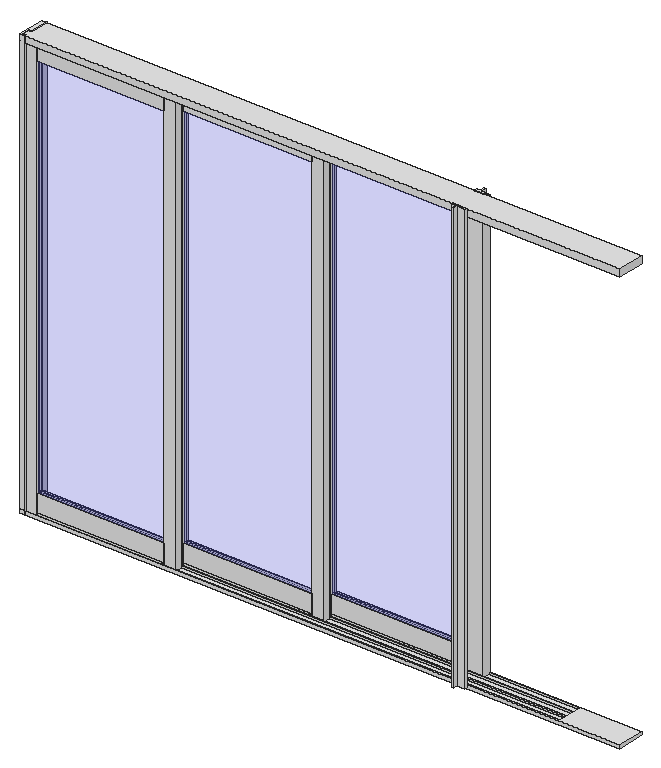
Revit family "Door-Sliding-All_Weather-Series_8100-Pocket", category Doors, host Wall, Revit 2026 (continued)
Definition of nested family "Detail-All_Weather-Series_8100_Jamb"
  Lines and regions (in)
    Masking region 5, in view "Ref. Level", visible <- "2 Track", detail levels fine
      outline origin (0, 0, 0) x (1, 0, 0) y (0, 1, 0)
        loop
          line (-0.54433, 1.27411) -> (-0.54433, 1.24256)
          arc (-0.54433, 1.24256) -> (-0.55788, 1.22043) -> (-0.58374, 1.22243) r 0.02485
          line (-0.58374, 1.22243) -> (-0.62375, 1.26244) -> (-0.71131, 1.26244)
          arc (-0.71131, 1.26244) -> (-0.73309, 1.25341) -> (-0.74212, 1.23162) r 0.03081
          line (-0.74212, 1.23162) -> (-0.74212, 1.04974)
          arc (-0.74212, 1.04974) -> (-0.73309, 1.02795) -> (-0.71131, 1.01893) r 0.03081
          line (-0.71131, 1.01893) -> (-0.62375, 1.01893) -> (-0.58374, 1.05894)
          arc (-0.58374, 1.05894) -> (-0.55788, 1.06094) -> (-0.54433, 1.03881) r 0.02485
          line (-0.54433, 1.03881) -> (-0.54433, 1.00721) -> (-0.2918, 1.00721) -> (-0.2918, 1.03881)
          arc (-0.2918, 1.03881) -> (-0.27825, 1.06094) -> (-0.25239, 1.05894) r 0.02485
          line (-0.25239, 1.05894) -> (-0.21238, 1.01893) -> (-0.12482, 1.01893)
          arc (-0.12482, 1.01893) -> (-0.10304, 1.02795) -> (-0.09401, 1.04974) r 0.03081
          line (-0.09401, 1.04974) -> (-0.09401, 1.23162)
          arc (-0.09401, 1.23162) -> (-0.10304, 1.25341) -> (-0.12482, 1.26244) r 0.03081
          line (-0.12482, 1.26244) -> (-0.21238, 1.26244) -> (-0.25239, 1.22243)
          arc (-0.25239, 1.22243) -> (-0.27825, 1.22043) -> (-0.2918, 1.24256) r 0.02485
          line (-0.2918, 1.24256) -> (-0.2918, 1.27411) -> (-0.54433, 1.27411)
    Masking region 6, in view "Ref. Level", visible <- "2 Track", detail levels fine
      outline origin (2, 0, 0) x (1, 0, 0) y (0, 1, 0)
        loop
          line (-1.24901, 1.2436) -> (-1.24901, 1.01117) -> (-0.81169, 1.01117) -> (-0.81169, 1.2436) -> (-1.24901, 1.2436)
        loop
          line (0.50039, 1.2436) -> (-0.03631, 1.2436) -> (-0.03631, 1.01117) -> (0.401, 1.01117) -> (0.401, 1.12547) -> (0.50039, 1.12547) -> (0.50039, 1.2436)
    Masking region 7, in view "Ref. Level", visible <- "2 Track", detail levels fine
      outline origin (2, 0, 0) x (1, 0, 0) y (0, 1, 0)
        loop
          line (-0.54433, 1.27411) -> (-0.54433, 1.24256)
          arc (-0.54433, 1.24256) -> (-0.55788, 1.22043) -> (-0.58374, 1.22243) r 0.02485
          line (-0.58374, 1.22243) -> (-0.62375, 1.26244) -> (-0.71131, 1.26244)
          arc (-0.71131, 1.26244) -> (-0.73309, 1.25341) -> (-0.74212, 1.23162) r 0.03081
          line (-0.74212, 1.23162) -> (-0.74212, 1.04974)
          arc (-0.74212, 1.04974) -> (-0.73309, 1.02795) -> (-0.71131, 1.01893) r 0.03081
          line (-0.71131, 1.01893) -> (-0.62375, 1.01893) -> (-0.58374, 1.05894)
          arc (-0.58374, 1.05894) -> (-0.55788, 1.06094) -> (-0.54433, 1.03881) r 0.02485
          line (-0.54433, 1.03881) -> (-0.54433, 1.00721) -> (-0.2918, 1.00721) -> (-0.2918, 1.03881)
          arc (-0.2918, 1.03881) -> (-0.27825, 1.06094) -> (-0.25239, 1.05894) r 0.02485
          line (-0.25239, 1.05894) -> (-0.21238, 1.01893) -> (-0.12482, 1.01893)
          arc (-0.12482, 1.01893) -> (-0.10304, 1.02795) -> (-0.09401, 1.04974) r 0.03081
          line (-0.09401, 1.04974) -> (-0.09401, 1.23162)
          arc (-0.09401, 1.23162) -> (-0.10304, 1.25341) -> (-0.12482, 1.26244) r 0.03081
          line (-0.12482, 1.26244) -> (-0.21238, 1.26244) -> (-0.25239, 1.22243)
          arc (-0.25239, 1.22243) -> (-0.27825, 1.22043) -> (-0.2918, 1.24256) r 0.02485
          line (-0.2918, 1.24256) -> (-0.2918, 1.27411) -> (-0.54433, 1.27411)
    Masking region 8, in view "Ref. Level", visible <- "2 Track", detail levels medium+fine
      outline origin (2.75, 0, 0) x (1, 0, 0) y (0, 1, 0)
        loop
          line (-2.00914, 2.5) -> (-2.16816, 2.5) -> (-2.16816, 1.29722) -> (-2.13693, 1.29722) -> (-2.12637, 1.34692) -> (-2.06877, 1.34692) -> (-2.06877, 1.12528) -> (-2.16816, 1.12528) -> (-2.16816, 0.97247) -> (-2.12102, 0.97247) -> (-2.12102, 1.06564) -> (-2.06877, 1.06564) -> (-2.06877, 0.94141) -> (-1.29453, 0.94141) -> (-1.29453, 1.03881)
          arc (-1.29453, 1.03881) -> (-1.30807, 1.06094) -> (-1.33394, 1.05894) r 0.02485
          line (-1.33394, 1.05894) -> (-1.37395, 1.01893) -> (-1.4615, 1.01893)
          arc (-1.4615, 1.01893) -> (-1.48329, 1.02795) -> (-1.49231, 1.04974) r 0.03081
          line (-1.49231, 1.04974) -> (-1.49231, 1.23162)
          arc (-1.49231, 1.23162) -> (-1.48329, 1.25341) -> (-1.4615, 1.26244) r 0.03081
          line (-1.4615, 1.26244) -> (-1.37395, 1.26244) -> (-1.33394, 1.22243)
          arc (-1.33394, 1.22243) -> (-1.30807, 1.22043) -> (-1.29453, 1.24256) r 0.02485
          line (-1.29453, 1.24256) -> (-1.29453, 1.31298) -> (-1.9992, 1.31298) -> (-1.9992, 1.41649) -> (-2.09859, 1.41649) -> (-2.09859, 2.1581) -> (-2.00914, 2.1581) -> (-2.00914, 2.26742) -> (-2.04889, 2.26742) -> (-2.04889, 2.21972) -> (-2.09859, 2.21972) -> (-2.09859, 2.43838) -> (-2.04889, 2.43838) -> (-2.04889, 2.39067) -> (-2.00914, 2.39067) -> (-2.00914, 2.5)
        loop
          line (-0.32738, 2.5) -> (-0.32738, 2.39067) -> (-0.28762, 2.39067) -> (-0.28762, 2.43838) -> (-0.23793, 2.43838) -> (-0.23793, 2.21972) -> (-0.28762, 2.21972) -> (-0.28762, 2.26742) -> (-0.32738, 2.26742) -> (-0.32738, 2.1581) -> (-0.23793, 2.1581) -> (-0.23793, 1.31298) -> (-1.04199, 1.31298) -> (-1.04199, 1.24256)
          arc (-1.04199, 1.24256) -> (-1.02845, 1.22043) -> (-1.00258, 1.22243) r 0.02485
          line (-1.00258, 1.22243) -> (-0.96257, 1.26244) -> (-0.87502, 1.26244)
          arc (-0.87502, 1.26244) -> (-0.85323, 1.25341) -> (-0.8442, 1.23162) r 0.03081
          line (-0.8442, 1.23162) -> (-0.8442, 1.04974)
          arc (-0.8442, 1.04974) -> (-0.85323, 1.02795) -> (-0.87502, 1.01893) r 0.03081
          line (-0.87502, 1.01893) -> (-0.96257, 1.01893) -> (-1.00258, 1.05894)
          arc (-1.00258, 1.05894) -> (-1.02845, 1.06094) -> (-1.04199, 1.03881) r 0.02485
          line (-1.04199, 1.03881) -> (-1.04199, 0.94141) -> (-0.27768, 0.94141) -> (-0.27768, 1.06564) -> (-0.2155, 1.06564) -> (-0.2155, 0.97247) -> (-0.16835, 0.97247) -> (-0.16835, 1.22784) -> (-0.08591, 1.22784) -> (-0.08591, 1.33717) -> (-0.11705, 1.33717) -> (-0.1313, 1.28748) -> (-0.16835, 1.28748) -> (-0.16835, 2.5) -> (-0.32738, 2.5)
    Masking region 9, in view "Ref. Level", visible <- "2 Track", detail levels fine
      outline origin (2, 0, 0) x (1, 0, 0) y (0, 1, 0)
        loop
          line (-1.2987, 2.36763) -> (-1.2987, 2.43838) -> (-1.3484, 2.43838) -> (-1.3484, 2.21972) -> (-1.2987, 2.21972) -> (-1.2987, 2.28862) -> (-1.16316, 2.28122) -> (-1.16316, 2.37517) -> (-1.2987, 2.36763)
        loop
          line (0.46257, 2.36763) -> (0.32703, 2.37517) -> (0.32703, 2.28122) -> (0.46257, 2.28862) -> (0.46257, 2.21972) -> (0.51227, 2.21972) -> (0.51227, 2.43838) -> (0.46257, 2.43838) -> (0.46257, 2.36763)
    Masking region 10, in view "Ref. Level", visible <- "3 Track", detail levels fine
      outline origin (4, 0, 0) x (1, 0, 0) y (0, 1, 0)
        loop
          line (-1.24901, 1.2436) -> (-1.24901, 1.01117) -> (-0.81169, 1.01117) -> (-0.81169, 1.2436) -> (-1.24901, 1.2436)
        loop
          line (0.50039, 1.2436) -> (-0.03631, 1.2436) -> (-0.03631, 1.01117) -> (0.401, 1.01117) -> (0.401, 1.12547) -> (0.50039, 1.12547) -> (0.50039, 1.2436)
    Masking region 11, in view "Ref. Level", visible <- "3 Track", detail levels fine
      outline origin (4, 0, 0) x (1, 0, 0) y (0, 1, 0)
        loop
          line (-0.54433, 1.27411) -> (-0.54433, 1.24256)
          arc (-0.54433, 1.24256) -> (-0.55788, 1.22043) -> (-0.58374, 1.22243) r 0.02485
          line (-0.58374, 1.22243) -> (-0.62375, 1.26244) -> (-0.71131, 1.26244)
          arc (-0.71131, 1.26244) -> (-0.73309, 1.25341) -> (-0.74212, 1.23162) r 0.03081
          line (-0.74212, 1.23162) -> (-0.74212, 1.04974)
          arc (-0.74212, 1.04974) -> (-0.73309, 1.02795) -> (-0.71131, 1.01893) r 0.03081
          line (-0.71131, 1.01893) -> (-0.62375, 1.01893) -> (-0.58374, 1.05894)
          arc (-0.58374, 1.05894) -> (-0.55788, 1.06094) -> (-0.54433, 1.03881) r 0.02485
          line (-0.54433, 1.03881) -> (-0.54433, 1.00721) -> (-0.2918, 1.00721) -> (-0.2918, 1.03881)
          arc (-0.2918, 1.03881) -> (-0.27825, 1.06094) -> (-0.25239, 1.05894) r 0.02485
          line (-0.25239, 1.05894) -> (-0.21238, 1.01893) -> (-0.12482, 1.01893)
          arc (-0.12482, 1.01893) -> (-0.10304, 1.02795) -> (-0.09401, 1.04974) r 0.03081
          line (-0.09401, 1.04974) -> (-0.09401, 1.23162)
          arc (-0.09401, 1.23162) -> (-0.10304, 1.25341) -> (-0.12482, 1.26244) r 0.03081
          line (-0.12482, 1.26244) -> (-0.21238, 1.26244) -> (-0.25239, 1.22243)
          arc (-0.25239, 1.22243) -> (-0.27825, 1.22043) -> (-0.2918, 1.24256) r 0.02485
          line (-0.2918, 1.24256) -> (-0.2918, 1.27411) -> (-0.54433, 1.27411)
    Masking region 12, in view "Ref. Level", visible <- "3 Track", detail levels medium+fine
      outline origin (4.75, 0, 0) x (1, 0, 0) y (0, 1, 0)
        loop
          line (-2.00914, 2.5) -> (-2.16816, 2.5) -> (-2.16816, 1.29722) -> (-2.13693, 1.29722) -> (-2.12637, 1.34692) -> (-2.06877, 1.34692) -> (-2.06877, 1.12528) -> (-2.16816, 1.12528) -> (-2.16816, 0.97247) -> (-2.12102, 0.97247) -> (-2.12102, 1.06564) -> (-2.06877, 1.06564) -> (-2.06877, 0.94141) -> (-1.29453, 0.94141) -> (-1.29453, 1.03881)
          arc (-1.29453, 1.03881) -> (-1.30807, 1.06094) -> (-1.33394, 1.05894) r 0.02485
          line (-1.33394, 1.05894) -> (-1.37395, 1.01893) -> (-1.4615, 1.01893)
          arc (-1.4615, 1.01893) -> (-1.48329, 1.02795) -> (-1.49231, 1.04974) r 0.03081
          line (-1.49231, 1.04974) -> (-1.49231, 1.23162)
          arc (-1.49231, 1.23162) -> (-1.48329, 1.25341) -> (-1.4615, 1.26244) r 0.03081
          line (-1.4615, 1.26244) -> (-1.37395, 1.26244) -> (-1.33394, 1.22243)
          arc (-1.33394, 1.22243) -> (-1.30807, 1.22043) -> (-1.29453, 1.24256) r 0.02485
          line (-1.29453, 1.24256) -> (-1.29453, 1.31298) -> (-1.9992, 1.31298) -> (-1.9992, 1.41649) -> (-2.09859, 1.41649) -> (-2.09859, 2.1581) -> (-2.00914, 2.1581) -> (-2.00914, 2.26742) -> (-2.04889, 2.26742) -> (-2.04889, 2.21972) -> (-2.09859, 2.21972) -> (-2.09859, 2.43838) -> (-2.04889, 2.43838) -> (-2.04889, 2.39067) -> (-2.00914, 2.39067) -> (-2.00914, 2.5)
        loop
          line (-0.32738, 2.5) -> (-0.32738, 2.39067) -> (-0.28762, 2.39067) -> (-0.28762, 2.43838) -> (-0.23793, 2.43838) -> (-0.23793, 2.21972) -> (-0.28762, 2.21972) -> (-0.28762, 2.26742) -> (-0.32738, 2.26742) -> (-0.32738, 2.1581) -> (-0.23793, 2.1581) -> (-0.23793, 1.31298) -> (-1.04199, 1.31298) -> (-1.04199, 1.24256)
          arc (-1.04199, 1.24256) -> (-1.02845, 1.22043) -> (-1.00258, 1.22243) r 0.02485
          line (-1.00258, 1.22243) -> (-0.96257, 1.26244) -> (-0.87502, 1.26244)
          arc (-0.87502, 1.26244) -> (-0.85323, 1.25341) -> (-0.8442, 1.23162) r 0.03081
          line (-0.8442, 1.23162) -> (-0.8442, 1.04974)
          arc (-0.8442, 1.04974) -> (-0.85323, 1.02795) -> (-0.87502, 1.01893) r 0.03081
          line (-0.87502, 1.01893) -> (-0.96257, 1.01893) -> (-1.00258, 1.05894)
          arc (-1.00258, 1.05894) -> (-1.02845, 1.06094) -> (-1.04199, 1.03881) r 0.02485
          line (-1.04199, 1.03881) -> (-1.04199, 0.94141) -> (-0.27768, 0.94141) -> (-0.27768, 1.06564) -> (-0.2155, 1.06564) -> (-0.2155, 0.97247) -> (-0.16835, 0.97247) -> (-0.16835, 1.22784) -> (-0.08591, 1.22784) -> (-0.08591, 1.33717) -> (-0.11705, 1.33717) -> (-0.1313, 1.28748) -> (-0.16835, 1.28748) -> (-0.16835, 2.5) -> (-0.32738, 2.5)
    Masking region 13, in view "Ref. Level", visible <- "3 Track", detail levels fine
      outline origin (4, 0, 0) x (1, 0, 0) y (0, 1, 0)
        loop
          line (-1.2987, 2.36763) -> (-1.2987, 2.43838) -> (-1.3484, 2.43838) -> (-1.3484, 2.21972) -> (-1.2987, 2.21972) -> (-1.2987, 2.28862) -> (-1.16316, 2.28122) -> (-1.16316, 2.37517) -> (-1.2987, 2.36763)
        loop
          line (0.46257, 2.36763) -> (0.32703, 2.37517) -> (0.32703, 2.28122) -> (0.46257, 2.28862) -> (0.46257, 2.21972) -> (0.51227, 2.21972) -> (0.51227, 2.43838) -> (0.46257, 2.43838) -> (0.46257, 2.36763)
    Masking region 14, in view "Ref. Level", visible <- "4 Track", detail levels fine
      outline origin (6, 0, 0) x (1, 0, 0) y (0, 1, 0)
        loop
          line (-1.24901, 1.2436) -> (-1.24901, 1.01117) -> (-0.81169, 1.01117) -> (-0.81169, 1.2436) -> (-1.24901, 1.2436)
        loop
          line (0.50039, 1.2436) -> (-0.03631, 1.2436) -> (-0.03631, 1.01117) -> (0.401, 1.01117) -> (0.401, 1.12547) -> (0.50039, 1.12547) -> (0.50039, 1.2436)
    Masking region 15, in view "Ref. Level", visible <- "4 Track", detail levels fine
      outline origin (6, 0, 0) x (1, 0, 0) y (0, 1, 0)
        loop
          line (-0.54433, 1.27411) -> (-0.54433, 1.24256)
          arc (-0.54433, 1.24256) -> (-0.55788, 1.22043) -> (-0.58374, 1.22243) r 0.02485
          line (-0.58374, 1.22243) -> (-0.62375, 1.26244) -> (-0.71131, 1.26244)
          arc (-0.71131, 1.26244) -> (-0.73309, 1.25341) -> (-0.74212, 1.23162) r 0.03081
          line (-0.74212, 1.23162) -> (-0.74212, 1.04974)
          arc (-0.74212, 1.04974) -> (-0.73309, 1.02795) -> (-0.71131, 1.01893) r 0.03081
          line (-0.71131, 1.01893) -> (-0.62375, 1.01893) -> (-0.58374, 1.05894)
          arc (-0.58374, 1.05894) -> (-0.55788, 1.06094) -> (-0.54433, 1.03881) r 0.02485
          line (-0.54433, 1.03881) -> (-0.54433, 1.00721) -> (-0.2918, 1.00721) -> (-0.2918, 1.03881)
          arc (-0.2918, 1.03881) -> (-0.27825, 1.06094) -> (-0.25239, 1.05894) r 0.02485
          line (-0.25239, 1.05894) -> (-0.21238, 1.01893) -> (-0.12482, 1.01893)
          arc (-0.12482, 1.01893) -> (-0.10304, 1.02795) -> (-0.09401, 1.04974) r 0.03081
          line (-0.09401, 1.04974) -> (-0.09401, 1.23162)
          arc (-0.09401, 1.23162) -> (-0.10304, 1.25341) -> (-0.12482, 1.26244) r 0.03081
          line (-0.12482, 1.26244) -> (-0.21238, 1.26244) -> (-0.25239, 1.22243)
          arc (-0.25239, 1.22243) -> (-0.27825, 1.22043) -> (-0.2918, 1.24256) r 0.02485
          line (-0.2918, 1.24256) -> (-0.2918, 1.27411) -> (-0.54433, 1.27411)
    Masking region 16, in view "Ref. Level", visible <- "4 Track", detail levels medium+fine
      outline origin (6.75, 0, 0) x (1, 0, 0) y (0, 1, 0)
        loop
          line (-2.00914, 2.5) -> (-2.16816, 2.5) -> (-2.16816, 1.29722) -> (-2.13693, 1.29722) -> (-2.12637, 1.34692) -> (-2.06877, 1.34692) -> (-2.06877, 1.12528) -> (-2.16816, 1.12528) -> (-2.16816, 0.97247) -> (-2.12102, 0.97247) -> (-2.12102, 1.06564) -> (-2.06877, 1.06564) -> (-2.06877, 0.94141) -> (-1.29453, 0.94141) -> (-1.29453, 1.03881)
          arc (-1.29453, 1.03881) -> (-1.30807, 1.06094) -> (-1.33394, 1.05894) r 0.02485
          line (-1.33394, 1.05894) -> (-1.37395, 1.01893) -> (-1.4615, 1.01893)
          arc (-1.4615, 1.01893) -> (-1.48329, 1.02795) -> (-1.49231, 1.04974) r 0.03081
          line (-1.49231, 1.04974) -> (-1.49231, 1.23162)
          arc (-1.49231, 1.23162) -> (-1.48329, 1.25341) -> (-1.4615, 1.26244) r 0.03081
          line (-1.4615, 1.26244) -> (-1.37395, 1.26244) -> (-1.33394, 1.22243)
          arc (-1.33394, 1.22243) -> (-1.30807, 1.22043) -> (-1.29453, 1.24256) r 0.02485
          line (-1.29453, 1.24256) -> (-1.29453, 1.31298) -> (-1.9992, 1.31298) -> (-1.9992, 1.41649) -> (-2.09859, 1.41649) -> (-2.09859, 2.1581) -> (-2.00914, 2.1581) -> (-2.00914, 2.26742) -> (-2.04889, 2.26742) -> (-2.04889, 2.21972) -> (-2.09859, 2.21972) -> (-2.09859, 2.43838) -> (-2.04889, 2.43838) -> (-2.04889, 2.39067) -> (-2.00914, 2.39067) -> (-2.00914, 2.5)
        loop
          line (-0.32738, 2.5) -> (-0.32738, 2.39067) -> (-0.28762, 2.39067) -> (-0.28762, 2.43838) -> (-0.23793, 2.43838) -> (-0.23793, 2.21972) -> (-0.28762, 2.21972) -> (-0.28762, 2.26742) -> (-0.32738, 2.26742) -> (-0.32738, 2.1581) -> (-0.23793, 2.1581) -> (-0.23793, 1.31298) -> (-1.04199, 1.31298) -> (-1.04199, 1.24256)
          arc (-1.04199, 1.24256) -> (-1.02845, 1.22043) -> (-1.00258, 1.22243) r 0.02485
          line (-1.00258, 1.22243) -> (-0.96257, 1.26244) -> (-0.87502, 1.26244)
          arc (-0.87502, 1.26244) -> (-0.85323, 1.25341) -> (-0.8442, 1.23162) r 0.03081
          line (-0.8442, 1.23162) -> (-0.8442, 1.04974)
          arc (-0.8442, 1.04974) -> (-0.85323, 1.02795) -> (-0.87502, 1.01893) r 0.03081
          line (-0.87502, 1.01893) -> (-0.96257, 1.01893) -> (-1.00258, 1.05894)
          arc (-1.00258, 1.05894) -> (-1.02845, 1.06094) -> (-1.04199, 1.03881) r 0.02485
          line (-1.04199, 1.03881) -> (-1.04199, 0.94141) -> (-0.27768, 0.94141) -> (-0.27768, 1.06564) -> (-0.2155, 1.06564) -> (-0.2155, 0.97247) -> (-0.16835, 0.97247) -> (-0.16835, 1.22784) -> (-0.08591, 1.22784) -> (-0.08591, 1.33717) -> (-0.11705, 1.33717) -> (-0.1313, 1.28748) -> (-0.16835, 1.28748) -> (-0.16835, 2.5) -> (-0.32738, 2.5)
    Masking region 17, in view "Ref. Level", visible <- "4 Track", detail levels fine
      outline origin (6, 0, 0) x (1, 0, 0) y (0, 1, 0)
        loop
          line (-1.2987, 2.36763) -> (-1.2987, 2.43838) -> (-1.3484, 2.43838) -> (-1.3484, 2.21972) -> (-1.2987, 2.21972) -> (-1.2987, 2.28862) -> (-1.16316, 2.28122) -> (-1.16316, 2.37517) -> (-1.2987, 2.36763)
        loop
          line (0.46257, 2.36763) -> (0.32703, 2.37517) -> (0.32703, 2.28122) -> (0.46257, 2.28862) -> (0.46257, 2.21972) -> (0.51227, 2.21972) -> (0.51227, 2.43838) -> (0.46257, 2.43838) -> (0.46257, 2.36763)
  Dimensions and locks (in)
    plane 1 "Center (Front/Back)" to plane 3 "Top" = 0' - 1 143/256"
    "Height": plane 3 "Top" to plane 1 "Center (Front/Back)"
    Masking region 1 sketch curve to Masking region 1 sketch curve to plane 4 "Front" to Masking region 1 sketch curve to Masking region 1 sketch curve to Masking region 1 sketch curve to Masking region 1 sketch curve to Masking region 1 sketch curve to Masking region 1 sketch curve to Masking region 1 sketch curve to Masking region 1 sketch curve to Masking region 1 sketch curve to Masking region 1 sketch curve to Masking region 1 sketch curve to Masking region 1 sketch curve to Masking region 1 sketch curve to Masking region 1 sketch curve to Masking region 1 sketch curve to Masking region 1 sketch curve to Masking region 1 sketch curve to Masking region 1 sketch curve to Masking region 1 sketch curve to Masking region 1 sketch curve to Masking region 1 sketch curve to Masking region 1 sketch curve to Masking region 1 sketch curve to Masking region 1 sketch curve to Masking region 1 sketch curve to Masking region 1 sketch curve to Masking region 1 sketch curve to Masking region 1 sketch curve to Masking region 1 sketch curve to Masking region 1 sketch curve to Masking region 1 sketch curve to Masking region 1 sketch curve to Masking region 1 sketch curve to Masking region 1 sketch curve to Masking region 1 sketch curve to Masking region 1 sketch curve to Masking region 1 sketch curve to Masking region 1 sketch curve to Masking region 1 sketch curve to Masking region 1 sketch curve to Masking region 1 sketch curve = 0' - 0" locked, 0' - 0" locked, 0' - 0.04715" locked, 0' - 0.02243" locked, 0' - 0" locked, 0' - 0.02982" locked, 0' - 0" locked, 0' - 0.01988" locked, 0' - 0" locked, 0' - 0.03976" locked, 0' - 0" locked, 0' - 0.00994" locked, 0' - 0.50689" locked, 0' - 0.03081" locked, 0' - 0" locked, 0' - 0.08755" locked, 0' - 0" locked, 0' - 0.04001" locked, 0' - 0" locked, 0' - 0.03941" locked, 0' - 0" locked, 0' - 0.25253" locked, 0' - 0" locked, 0' - 0.03941" locked, 0' - 0" locked, 0' - 0.04001" locked, 0' - 0" locked, 0' - 0.08755" locked, 0' - 0" locked, 0' - 0.03081" locked, 0' - 0.51683" locked, 0' - 0" locked, 0' - 0.03976" locked, 0' - 0" locked, 0' - 0.00994" locked, 0' - 0.03976" locked, 0' - 0" locked, 0' - 0.02243" locked, 0' - 0.04715" locked, 0' - 0" locked, 0' - 0.03705" locked, 0' - 0.01425" locked, 0' - 0.03114" locked
    Masking region 1 sketch curve to Masking region 1 sketch curve to plane 3 "Top" to Masking region 1 sketch curve to Masking region 1 sketch curve to Masking region 1 sketch curve to Masking region 1 sketch curve to Masking region 1 sketch curve to Masking region 1 sketch curve to Masking region 1 sketch curve to Masking region 1 sketch curve to Masking region 1 sketch curve to Masking region 1 sketch curve = 0' - 0" locked, 0' - 0" locked, 0' - 0.06162" locked, 0' - 0" locked, 0' - 0.04771" locked, 0' - 0" locked, 0' - 0.12325" locked, 0' - 0" locked, 0' - 0.04771" locked, 0' - 0" locked, 0' - 0.06162" locked, 0' - 0" locked
    plane 1 "Center (Front/Back)" to Masking region 2 sketch curve to Masking region 2 sketch curve to Masking region 2 sketch curve to Masking region 2 sketch curve to Masking region 2 sketch curve = 0' - 0.06977" locked, 0' - 0" locked, 0' - 0.1143" locked, 0' - 0.11812" locked, 0' - 0" locked
    plane 4 "Front" to Masking region 2 sketch curve to Masking region 2 sketch curve to Masking region 2 sketch curve to Masking region 2 sketch curve to Masking region 2 sketch curve = 0' - 0.16896" locked, 0' - 0.43732" locked, 0' - 0.77538" locked, 0' - 0.43732" locked, 0' - 0.09939" locked
    "Thickness": plane 4 "Front" to plane 5
    plane 4 "Front" to Masking region 4 sketch curve to Masking region 4 sketch curve to Masking region 4 sketch curve to Masking region 4 sketch curve to Masking region 4 sketch curve to Masking region 4 sketch curve to Masking region 4 sketch curve to Masking region 4 sketch curve = 0' - 0.06957" locked, 0' - 0.04969" locked, 0' - 0" locked, 0' - 0.13554" locked, 0' - 1.4902" locked, 0' - 0.13554" locked, 0' - 0" locked, 0' - 0.04969" locked
    plane 3 "Top" to Masking region 4 sketch curve to Masking region 4 sketch curve to Masking region 4 sketch curve to Masking region 4 sketch curve to Masking region 4 sketch curve to Masking region 4 sketch curve to Masking region 4 sketch curve to Masking region 4 sketch curve to Masking region 4 sketch curve to Masking region 4 sketch curve to Masking region 4 sketch curve to Masking region 4 sketch curve = 0' - 0.06162" locked, 0' - 0" locked, 0' - 0.06321" locked, 0' - 0" locked, 0' - 0.00755" locked, 0' - 0" locked, 0' - 0.07901" locked, 0' - 0" locked, 0' - 0.00739" locked, 0' - 0" locked, 0' - 0.06151" locked, 0' - 0" locked
    plane 4 "Front" to Masking region 5 sketch curve to Masking region 5 sketch curve to Masking region 5 sketch curve to Masking region 5 sketch curve to Masking region 5 sketch curve to Masking region 5 sketch curve to Masking region 5 sketch curve to Masking region 5 sketch curve to Masking region 5 sketch curve to Masking region 5 sketch curve to Masking region 5 sketch curve to Masking region 5 sketch curve to Masking region 5 sketch curve to Masking region 5 sketch curve to Masking region 5 sketch curve to Masking region 5 sketch curve to Masking region 5 sketch curve to Masking region 5 sketch curve = 0' - 0.67585" locked, 0' - 0.03081" locked, 0' - 0" locked, 0' - 0.08755" locked, 0' - 0" locked, 0' - 0.04001" locked, 0' - 0" locked, 0' - 0.03941" locked, 0' - 0" locked, 0' - 0.25253" locked, 0' - 0" locked, 0' - 0.03941" locked, 0' - 0" locked, 0' - 0.04001" locked, 0' - 0" locked, 0' - 0.08755" locked, 0' - 0" locked, 0' - 0.03081" locked
    Masking region 5 sketch curve to Masking region 5 sketch curve to Masking region 5 sketch curve to Masking region 5 sketch curve to Masking region 5 sketch curve to Masking region 5 sketch curve to Masking region 5 sketch curve to Masking region 5 sketch curve to Masking region 5 sketch curve to Masking region 5 sketch curve to Masking region 5 sketch curve to Masking region 5 sketch curve to Masking region 5 sketch curve to Masking region 5 sketch curve to Masking region 5 sketch curve to Masking region 5 sketch curve to Masking region 5 sketch curve to Masking region 5 sketch curve = 0' - 0 3/256" locked, 0' - 0" locked, 0' - 0.01988" locked, 0' - 0" locked, 0' - 0.01093" locked, 0' - 0" locked, 0' - 0.0092" locked, 0' - 0" locked, 0' - 0.16349" locked, 0' - 0" locked, 0' - 0.0092" locked, 0' - 0" locked, 0' - 0.01093" locked, 0' - 0" locked, 0' - 0.01988" locked, 0' - 0" locked, 0' - 0.01168" locked
    Masking region 1 sketch curve to Masking region 1 sketch curve to Masking region 1 sketch curve to Masking region 1 sketch curve to Masking region 1 sketch curve to Masking region 1 sketch curve to Masking region 1 sketch curve to Masking region 1 sketch curve to Masking region 1 sketch curve to Masking region 1 sketch curve to Masking region 1 sketch curve to Masking region 1 sketch curve to Masking region 1 sketch curve to Masking region 1 sketch curve to Masking region 1 sketch curve to Masking region 1 sketch curve to Masking region 1 sketch curve to Masking region 1 sketch curve to Masking region 1 sketch curve to Masking region 1 sketch curve to Masking region 1 sketch curve to Masking region 1 sketch curve to Masking region 1 sketch curve to Masking region 1 sketch curve to Masking region 1 sketch curve to Masking region 1 sketch curve to Masking region 1 sketch curve to Masking region 1 sketch curve to Masking region 1 sketch curve to Masking region 1 sketch curve to Masking region 1 sketch curve to plane 1 "Center (Front/Back)" = 0' - 0.06957" locked, 0' - 0.00974" locked, 0' - 0.0242" locked, 0' - 0" locked, 0' - 0.01575" locked, 0' - 0.00974" locked, 0' - 0.02504" locked, 0' - 0" locked, 0' - 0.01988" locked, 0' - 0" locked, 0' - 0.01093" locked, 0' - 0" locked, 0' - 0.00378" locked, 0' - 0.00542" locked, 0' - 0" locked, 0' - 0.09715" locked, 0' - 0.05963" locked, 0' - 0" locked, 0' - 0.0067" locked, 0' - 0" locked, 0' - 0.0092" locked, 0' - 0" locked, 0' - 0.01093" locked, 0' - 0" locked, 0' - 0.01988" locked, 0' - 0" locked, 0' - 0.04646" locked, 0' - 0" locked, 0' - 0.03106" locked, 0' - 0" locked, 0' - 0" locked
    plane 4 "Front" to plane 6 to plane 7 = 0' - 0.99014" locked, 0' - 2" locked
    locked: plane 8 to plane 5 at 1.06903
    Masking region 6 sketch curve to Masking region 6 sketch curve to Masking region 6 sketch curve to Masking region 6 sketch curve to Masking region 6 sketch curve = 0' - 0" locked, 0' - 0.1143" locked, 0' - 0.11812" locked, 0' - 0" locked
    plane 4 "Front" to Masking region 6 sketch curve to Masking region 6 sketch curve to Masking region 6 sketch curve to Masking region 6 sketch curve to Masking region 6 sketch curve = 0' - 2.16896" locked, 0' - 0.43732" locked, 0' - 0.77538" locked, 0' - 0.43732" locked, 0' - 0.09939" locked
    plane 4 "Front" to Masking region 7 sketch curve to Masking region 7 sketch curve to Masking region 7 sketch curve to Masking region 7 sketch curve to Masking region 7 sketch curve to Masking region 7 sketch curve to Masking region 7 sketch curve to Masking region 7 sketch curve to Masking region 7 sketch curve to Masking region 7 sketch curve to Masking region 7 sketch curve to Masking region 7 sketch curve to Masking region 7 sketch curve to Masking region 7 sketch curve to Masking region 7 sketch curve to Masking region 7 sketch curve to Masking region 7 sketch curve to Masking region 7 sketch curve = 0' - 2.67585" locked, 0' - 0.03081" locked, 0' - 0" locked, 0' - 0.08755" locked, 0' - 0" locked, 0' - 0.04001" locked, 0' - 0" locked, 0' - 0.03941" locked, 0' - 0" locked, 0' - 0.25253" locked, 0' - 0" locked, 0' - 0.03941" locked, 0' - 0" locked, 0' - 0.04001" locked, 0' - 0" locked, 0' - 0.08755" locked, 0' - 0" locked, 0' - 0.03081" locked
    Masking region 7 sketch curve to Masking region 7 sketch curve to Masking region 7 sketch curve to Masking region 7 sketch curve to Masking region 7 sketch curve to Masking region 7 sketch curve to Masking region 7 sketch curve to Masking region 7 sketch curve to Masking region 7 sketch curve to Masking region 7 sketch curve to Masking region 7 sketch curve to Masking region 7 sketch curve to Masking region 7 sketch curve to Masking region 7 sketch curve to Masking region 7 sketch curve to Masking region 7 sketch curve to Masking region 7 sketch curve to Masking region 7 sketch curve = 0' - 0 3/256" locked, 0' - 0" locked, 0' - 0.01988" locked, 0' - 0" locked, 0' - 0.01093" locked, 0' - 0" locked, 0' - 0.0092" locked, 0' - 0" locked, 0' - 0.16349" locked, 0' - 0" locked, 0' - 0.0092" locked, 0' - 0" locked, 0' - 0.01093" locked, 0' - 0" locked, 0' - 0.01988" locked, 0' - 0" locked, 0' - 0.01168" locked
    plane 4 "Front" to Masking region 8 sketch curve to Masking region 8 sketch curve to Masking region 8 sketch curve to Masking region 8 sketch curve to Masking region 8 sketch curve to Masking region 8 sketch curve to Masking region 8 sketch curve to Masking region 8 sketch curve to Masking region 8 sketch curve to Masking region 8 sketch curve to Masking region 8 sketch curve to Masking region 8 sketch curve to Masking region 8 sketch curve to Masking region 8 sketch curve to Masking region 8 sketch curve to Masking region 8 sketch curve to Masking region 8 sketch curve to Masking region 8 sketch curve to Masking region 8 sketch curve to Masking region 8 sketch curve to Masking region 8 sketch curve to Masking region 8 sketch curve to Masking region 8 sketch curve to Masking region 8 sketch curve to Masking region 8 sketch curve to Masking region 8 sketch curve to Masking region 8 sketch curve to Masking region 8 sketch curve to Masking region 8 sketch curve to Masking region 8 sketch curve to Masking region 8 sketch curve to Masking region 8 sketch curve to Masking region 8 sketch curve to Masking region 8 sketch curve to Masking region 8 sketch curve to Masking region 8 sketch curve to Masking region 8 sketch curve to Masking region 8 sketch curve to Masking region 8 sketch curve to Masking region 8 sketch curve to Masking region 8 sketch curve to Masking region 8 sketch curve to Masking region 8 sketch curve = 0' - 1.99981" locked, 0' - 0" locked, 0' - 0.04715", 0' - 0.02243" locked, 0' - 0" locked, 0' - 0.02982" locked, 0' - 0" locked, 0' - 0.01988" locked, 0' - 0" locked, 0' - 0.03976" locked, 0' - 0" locked, 0' - 0.00994" locked, 0' - 0.50689" locked, 0' - 0.03081" locked, 0' - 0" locked, 0' - 0.08755" locked, 0' - 0" locked, 0' - 0.04001" locked, 0' - 0" locked, 0' - 0.03941" locked, 0' - 0" locked, 0' - 0.25253" locked, 0' - 0" locked, 0' - 0.03941" locked, 0' - 0" locked, 0' - 0.04001" locked, 0' - 0" locked, 0' - 0.08755" locked, 0' - 0" locked, 0' - 0.03081" locked, 0' - 0.51683" locked, 0' - 0" locked, 0' - 0.03976" locked, 0' - 0" locked, 0' - 0.00994" locked, 0' - 0.03976" locked, 0' - 0" locked, 0' - 0.02243" locked, 0' - 0.04715" locked, 0' - 0" locked, 0' - 0.03705" locked, 0' - 0.01425" locked, 0' - 0.03114" locked
    Masking region 8 sketch curve to Masking region 8 sketch curve to Masking region 8 sketch curve to Masking region 8 sketch curve to Masking region 8 sketch curve to Masking region 8 sketch curve to Masking region 8 sketch curve to Masking region 8 sketch curve to Masking region 8 sketch curve to Masking region 8 sketch curve to Masking region 8 sketch curve to Masking region 8 sketch curve = 0' - 0" locked, 0' - 0.06162", 0' - 0" locked, 0' - 0.04771" locked, 0' - 0" locked, 0' - 0.12325" locked, 0' - 0" locked, 0' - 0.04771" locked, 0' - 0" locked, 0' - 0.06162" locked, 0' - 0" locked
    Masking region 8 sketch curve to Masking region 8 sketch curve to Masking region 8 sketch curve to Masking region 8 sketch curve to Masking region 8 sketch curve to Masking region 8 sketch curve to Masking region 8 sketch curve to Masking region 8 sketch curve to Masking region 8 sketch curve to Masking region 8 sketch curve to Masking region 8 sketch curve to Masking region 8 sketch curve to Masking region 8 sketch curve to Masking region 8 sketch curve to Masking region 8 sketch curve to Masking region 8 sketch curve to Masking region 8 sketch curve to Masking region 8 sketch curve to Masking region 8 sketch curve to Masking region 8 sketch curve to Masking region 8 sketch curve to Masking region 8 sketch curve to Masking region 8 sketch curve to Masking region 8 sketch curve to Masking region 8 sketch curve to Masking region 8 sketch curve to Masking region 8 sketch curve to Masking region 8 sketch curve to Masking region 8 sketch curve to Masking region 8 sketch curve to Masking region 8 sketch curve = 0' - 0.06957" locked, 0' - 0.00974" locked, 0' - 0.0242" locked, 0' - 0" locked, 0' - 0.01575" locked, 0' - 0.00974" locked, 0' - 0.02504" locked, 0' - 0" locked, 0' - 0.01988" locked, 0' - 0" locked, 0' - 0.01093" locked, 0' - 0" locked, 0' - 0.00378" locked, 0' - 0.00542" locked, 0' - 0" locked, 0' - 0.09715" locked, 0' - 0.05963" locked, 0' - 0" locked, 0' - 0.0067" locked, 0' - 0" locked, 0' - 0.0092" locked, 0' - 0" locked, 0' - 0.01093" locked, 0' - 0" locked, 0' - 0.01988" locked, 0' - 0" locked, 0' - 0.04646" locked, 0' - 0" locked, 0' - 0.03106" locked, 0' - 0" locked
    plane 4 "Front" to Masking region 9 sketch curve to Masking region 9 sketch curve to Masking region 9 sketch curve to Masking region 9 sketch curve to Masking region 9 sketch curve to Masking region 9 sketch curve to Masking region 9 sketch curve to Masking region 9 sketch curve = 0' - 2.06957" locked, 0' - 0.04969" locked, 0' - 0" locked, 0' - 0.13554" locked, 0' - 1.4902" locked, 0' - 0.13554" locked, 0' - 0" locked, 0' - 0.04969" locked
    Masking region 9 sketch curve to Masking region 9 sketch curve to Masking region 9 sketch curve to Masking region 9 sketch curve to Masking region 9 sketch curve to Masking region 9 sketch curve to Masking region 9 sketch curve to Masking region 9 sketch curve to Masking region 9 sketch curve to Masking region 9 sketch curve to Masking region 9 sketch curve to Masking region 9 sketch curve = 0' - 0" locked, 0' - 0.06321" locked, 0' - 0" locked, 0' - 0.00755" locked, 0' - 0" locked, 0' - 0.07901" locked, 0' - 0" locked, 0' - 0.00739" locked, 0' - 0" locked, 0' - 0.06151" locked, 0' - 0" locked
    Masking region 10 sketch curve to Masking region 10 sketch curve to Masking region 10 sketch curve to Masking region 10 sketch curve to Masking region 10 sketch curve = 0' - 0" locked, 0' - 0.1143" locked, 0' - 0.11812" locked, 0' - 0" locked
    plane 4 "Front" to Masking region 10 sketch curve to Masking region 10 sketch curve to Masking region 10 sketch curve to Masking region 10 sketch curve to Masking region 10 sketch curve = 0' - 4.16896" locked, 0' - 0.43732" locked, 0' - 0.77538" locked, 0' - 0.43732" locked, 0' - 0.09939" locked
    plane 4 "Front" to Masking region 11 sketch curve to Masking region 11 sketch curve to Masking region 11 sketch curve to Masking region 11 sketch curve to Masking region 11 sketch curve to Masking region 11 sketch curve to Masking region 11 sketch curve to Masking region 11 sketch curve to Masking region 11 sketch curve to Masking region 11 sketch curve to Masking region 11 sketch curve to Masking region 11 sketch curve to Masking region 11 sketch curve to Masking region 11 sketch curve to Masking region 11 sketch curve to Masking region 11 sketch curve to Masking region 11 sketch curve to Masking region 11 sketch curve = 0' - 4.67585" locked, 0' - 0.03081" locked, 0' - 0" locked, 0' - 0.08755" locked, 0' - 0" locked, 0' - 0.04001" locked, 0' - 0" locked, 0' - 0.03941" locked, 0' - 0" locked, 0' - 0.25253" locked, 0' - 0" locked, 0' - 0.03941" locked, 0' - 0" locked, 0' - 0.04001" locked, 0' - 0" locked, 0' - 0.08755" locked, 0' - 0" locked, 0' - 0.03081" locked
    Masking region 11 sketch curve to Masking region 11 sketch curve to Masking region 11 sketch curve to Masking region 11 sketch curve to Masking region 11 sketch curve to Masking region 11 sketch curve to Masking region 11 sketch curve to Masking region 11 sketch curve to Masking region 11 sketch curve to Masking region 11 sketch curve to Masking region 11 sketch curve to Masking region 11 sketch curve to Masking region 11 sketch curve to Masking region 11 sketch curve to Masking region 11 sketch curve to Masking region 11 sketch curve to Masking region 11 sketch curve to Masking region 11 sketch curve = 0' - 0 3/256" locked, 0' - 0" locked, 0' - 0.01988" locked, 0' - 0" locked, 0' - 0.01093" locked, 0' - 0" locked, 0' - 0.0092" locked, 0' - 0" locked, 0' - 0.16349" locked, 0' - 0" locked, 0' - 0.0092" locked, 0' - 0" locked, 0' - 0.01093" locked, 0' - 0" locked, 0' - 0.01988" locked, 0' - 0" locked, 0' - 0.01168" locked
    plane 4 "Front" to Masking region 12 sketch curve to Masking region 12 sketch curve to Masking region 12 sketch curve to Masking region 12 sketch curve to Masking region 12 sketch curve to Masking region 12 sketch curve to Masking region 12 sketch curve to Masking region 12 sketch curve to Masking region 12 sketch curve to Masking region 12 sketch curve to Masking region 12 sketch curve to Masking region 12 sketch curve to Masking region 12 sketch curve to Masking region 12 sketch curve to Masking region 12 sketch curve to Masking region 12 sketch curve to Masking region 12 sketch curve to Masking region 12 sketch curve to Masking region 12 sketch curve to Masking region 12 sketch curve to Masking region 12 sketch curve to Masking region 12 sketch curve to Masking region 12 sketch curve to Masking region 12 sketch curve to Masking region 12 sketch curve to Masking region 12 sketch curve to Masking region 12 sketch curve to Masking region 12 sketch curve to Masking region 12 sketch curve to Masking region 12 sketch curve to Masking region 12 sketch curve to Masking region 12 sketch curve to Masking region 12 sketch curve to Masking region 12 sketch curve to Masking region 12 sketch curve to Masking region 12 sketch curve to Masking region 12 sketch curve to Masking region 12 sketch curve to Masking region 12 sketch curve to Masking region 12 sketch curve to Masking region 12 sketch curve to Masking region 12 sketch curve to Masking region 12 sketch curve = 0' - 3.99981" locked, 0' - 0" locked, 0' - 0.04715", 0' - 0.02243" locked, 0' - 0" locked, 0' - 0.02982" locked, 0' - 0" locked, 0' - 0.01988" locked, 0' - 0" locked, 0' - 0.03976" locked, 0' - 0" locked, 0' - 0.00994" locked, 0' - 0.50689" locked, 0' - 0.03081" locked, 0' - 0" locked, 0' - 0.08755" locked, 0' - 0" locked, 0' - 0.04001" locked, 0' - 0" locked, 0' - 0.03941" locked, 0' - 0" locked, 0' - 0.25253" locked, 0' - 0" locked, 0' - 0.03941" locked, 0' - 0" locked, 0' - 0.04001" locked, 0' - 0" locked, 0' - 0.08755" locked, 0' - 0" locked, 0' - 0.03081" locked, 0' - 0.51683" locked, 0' - 0" locked, 0' - 0.03976" locked, 0' - 0" locked, 0' - 0.00994" locked, 0' - 0.03976" locked, 0' - 0" locked, 0' - 0.02243" locked, 0' - 0.04715" locked, 0' - 0" locked, 0' - 0.03705" locked, 0' - 0.01425" locked, 0' - 0.03114" locked
    Masking region 12 sketch curve to Masking region 12 sketch curve to Masking region 12 sketch curve to Masking region 12 sketch curve to Masking region 12 sketch curve to Masking region 12 sketch curve to Masking region 12 sketch curve to Masking region 12 sketch curve to Masking region 12 sketch curve to Masking region 12 sketch curve to Masking region 12 sketch curve to Masking region 12 sketch curve = 0' - 0" locked, 0' - 0.06162", 0' - 0" locked, 0' - 0.04771" locked, 0' - 0" locked, 0' - 0.12325" locked, 0' - 0" locked, 0' - 0.04771" locked, 0' - 0" locked, 0' - 0.06162" locked, 0' - 0" locked
    Masking region 12 sketch curve to Masking region 12 sketch curve to Masking region 12 sketch curve to Masking region 12 sketch curve to Masking region 12 sketch curve to Masking region 12 sketch curve to Masking region 12 sketch curve to Masking region 12 sketch curve to Masking region 12 sketch curve to Masking region 12 sketch curve to Masking region 12 sketch curve to Masking region 12 sketch curve to Masking region 12 sketch curve to Masking region 12 sketch curve to Masking region 12 sketch curve to Masking region 12 sketch curve to Masking region 12 sketch curve to Masking region 12 sketch curve to Masking region 12 sketch curve to Masking region 12 sketch curve to Masking region 12 sketch curve to Masking region 12 sketch curve to Masking region 12 sketch curve to Masking region 12 sketch curve to Masking region 12 sketch curve to Masking region 12 sketch curve to Masking region 12 sketch curve to Masking region 12 sketch curve to Masking region 12 sketch curve to Masking region 12 sketch curve to Masking region 12 sketch curve = 0' - 0.06957" locked, 0' - 0.00974" locked, 0' - 0.0242" locked, 0' - 0" locked, 0' - 0.01575" locked, 0' - 0.00974" locked, 0' - 0.02504" locked, 0' - 0" locked, 0' - 0.01988" locked, 0' - 0" locked, 0' - 0.01093" locked, 0' - 0" locked, 0' - 0.00378" locked, 0' - 0.00542" locked, 0' - 0" locked, 0' - 0.09715" locked, 0' - 0.05963" locked, 0' - 0" locked, 0' - 0.0067" locked, 0' - 0" locked, 0' - 0.0092" locked, 0' - 0" locked, 0' - 0.01093" locked, 0' - 0" locked, 0' - 0.01988" locked, 0' - 0" locked, 0' - 0.04646" locked, 0' - 0" locked, 0' - 0.03106" locked, 0' - 0" locked
    plane 4 "Front" to Masking region 13 sketch curve to Masking region 13 sketch curve to Masking region 13 sketch curve to Masking region 13 sketch curve to Masking region 13 sketch curve to Masking region 13 sketch curve to Masking region 13 sketch curve to Masking region 13 sketch curve = 0' - 4.06957" locked, 0' - 0.04969" locked, 0' - 0" locked, 0' - 0.13554" locked, 0' - 1.4902" locked, 0' - 0.13554" locked, 0' - 0" locked, 0' - 0.04969" locked
    Masking region 13 sketch curve to Masking region 13 sketch curve to Masking region 13 sketch curve to Masking region 13 sketch curve to Masking region 13 sketch curve to Masking region 13 sketch curve to Masking region 13 sketch curve to Masking region 13 sketch curve to Masking region 13 sketch curve to Masking region 13 sketch curve to Masking region 13 sketch curve to Masking region 13 sketch curve = 0' - 0" locked, 0' - 0.06321" locked, 0' - 0" locked, 0' - 0.00755" locked, 0' - 0" locked, 0' - 0.07901" locked, 0' - 0" locked, 0' - 0.00739" locked, 0' - 0" locked, 0' - 0.06151" locked, 0' - 0" locked
    Masking region 14 sketch curve to Masking region 14 sketch curve to Masking region 14 sketch curve to Masking region 14 sketch curve to Masking region 14 sketch curve = 0' - 0" locked, 0' - 0.1143" locked, 0' - 0.11812" locked, 0' - 0" locked
    plane 4 "Front" to Masking region 14 sketch curve to Masking region 14 sketch curve to Masking region 14 sketch curve to Masking region 14 sketch curve to Masking region 14 sketch curve = 0' - 6.16896" locked, 0' - 0.43732" locked, 0' - 0.77538" locked, 0' - 0.43732" locked, 0' - 0.09939" locked
    plane 4 "Front" to Masking region 15 sketch curve to Masking region 15 sketch curve to Masking region 15 sketch curve to Masking region 15 sketch curve to Masking region 15 sketch curve to Masking region 15 sketch curve to Masking region 15 sketch curve to Masking region 15 sketch curve to Masking region 15 sketch curve to Masking region 15 sketch curve to Masking region 15 sketch curve to Masking region 15 sketch curve to Masking region 15 sketch curve to Masking region 15 sketch curve to Masking region 15 sketch curve to Masking region 15 sketch curve to Masking region 15 sketch curve to Masking region 15 sketch curve = 0' - 6.67585" locked, 0' - 0.03081" locked, 0' - 0" locked, 0' - 0.08755" locked, 0' - 0" locked, 0' - 0.04001" locked, 0' - 0" locked, 0' - 0.03941" locked, 0' - 0" locked, 0' - 0.25253" locked, 0' - 0" locked, 0' - 0.03941" locked, 0' - 0" locked, 0' - 0.04001" locked, 0' - 0" locked, 0' - 0.08755" locked, 0' - 0" locked, 0' - 0.03081" locked
    Masking region 15 sketch curve to Masking region 15 sketch curve to Masking region 15 sketch curve to Masking region 15 sketch curve to Masking region 15 sketch curve to Masking region 15 sketch curve to Masking region 15 sketch curve to Masking region 15 sketch curve to Masking region 15 sketch curve to Masking region 15 sketch curve to Masking region 15 sketch curve to Masking region 15 sketch curve to Masking region 15 sketch curve to Masking region 15 sketch curve to Masking region 15 sketch curve to Masking region 15 sketch curve to Masking region 15 sketch curve to Masking region 15 sketch curve = 0' - 0 3/256" locked, 0' - 0" locked, 0' - 0.01988" locked, 0' - 0" locked, 0' - 0.01093" locked, 0' - 0" locked, 0' - 0.0092" locked, 0' - 0" locked, 0' - 0.16349" locked, 0' - 0" locked, 0' - 0.0092" locked, 0' - 0" locked, 0' - 0.01093" locked, 0' - 0" locked, 0' - 0.01988" locked, 0' - 0" locked, 0' - 0.01168" locked
    plane 4 "Front" to Masking region 16 sketch curve to Masking region 16 sketch curve to Masking region 16 sketch curve to Masking region 16 sketch curve to Masking region 16 sketch curve to Masking region 16 sketch curve to Masking region 16 sketch curve to Masking region 16 sketch curve to Masking region 16 sketch curve to Masking region 16 sketch curve to Masking region 16 sketch curve to Masking region 16 sketch curve to Masking region 16 sketch curve to Masking region 16 sketch curve to Masking region 16 sketch curve to Masking region 16 sketch curve to Masking region 16 sketch curve to Masking region 16 sketch curve to Masking region 16 sketch curve to Masking region 16 sketch curve to Masking region 16 sketch curve to Masking region 16 sketch curve to Masking region 16 sketch curve to Masking region 16 sketch curve to Masking region 16 sketch curve to Masking region 16 sketch curve to Masking region 16 sketch curve to Masking region 16 sketch curve to Masking region 16 sketch curve to Masking region 16 sketch curve to Masking region 16 sketch curve to Masking region 16 sketch curve to Masking region 16 sketch curve to Masking region 16 sketch curve to Masking region 16 sketch curve to Masking region 16 sketch curve to Masking region 16 sketch curve to Masking region 16 sketch curve to Masking region 16 sketch curve to Masking region 16 sketch curve to Masking region 16 sketch curve to Masking region 16 sketch curve to Masking region 16 sketch curve = 0' - 5.99981" locked, 0' - 0" locked, 0' - 0.04715", 0' - 0.02243" locked, 0' - 0" locked, 0' - 0.02982" locked, 0' - 0" locked, 0' - 0.01988" locked, 0' - 0" locked, 0' - 0.03976" locked, 0' - 0" locked, 0' - 0.00994" locked, 0' - 0.50689" locked, 0' - 0.03081" locked, 0' - 0" locked, 0' - 0.08755" locked, 0' - 0" locked, 0' - 0.04001" locked, 0' - 0" locked, 0' - 0.03941" locked, 0' - 0" locked, 0' - 0.25253" locked, 0' - 0" locked, 0' - 0.03941" locked, 0' - 0" locked, 0' - 0.04001" locked, 0' - 0" locked, 0' - 0.08755" locked, 0' - 0" locked, 0' - 0.03081" locked, 0' - 0.51683" locked, 0' - 0" locked, 0' - 0.03976" locked, 0' - 0" locked, 0' - 0.00994" locked, 0' - 0.03976" locked, 0' - 0" locked, 0' - 0.02243" locked, 0' - 0.04715" locked, 0' - 0" locked, 0' - 0.03705" locked, 0' - 0.01425" locked, 0' - 0.03114" locked
    Masking region 16 sketch curve to Masking region 16 sketch curve to Masking region 16 sketch curve to Masking region 16 sketch curve to Masking region 16 sketch curve to Masking region 16 sketch curve to Masking region 16 sketch curve to Masking region 16 sketch curve to Masking region 16 sketch curve to Masking region 16 sketch curve to Masking region 16 sketch curve to Masking region 16 sketch curve = 0' - 0" locked, 0' - 0.06162", 0' - 0" locked, 0' - 0.04771" locked, 0' - 0" locked, 0' - 0.12325" locked, 0' - 0" locked, 0' - 0.04771" locked, 0' - 0" locked, 0' - 0.06162" locked, 0' - 0" locked
    Masking region 16 sketch curve to Masking region 16 sketch curve to Masking region 16 sketch curve to Masking region 16 sketch curve to Masking region 16 sketch curve to Masking region 16 sketch curve to Masking region 16 sketch curve to Masking region 16 sketch curve to Masking region 16 sketch curve to Masking region 16 sketch curve to Masking region 16 sketch curve to Masking region 16 sketch curve to Masking region 16 sketch curve to Masking region 16 sketch curve to Masking region 16 sketch curve to Masking region 16 sketch curve to Masking region 16 sketch curve to Masking region 16 sketch curve to Masking region 16 sketch curve to Masking region 16 sketch curve to Masking region 16 sketch curve to Masking region 16 sketch curve to Masking region 16 sketch curve to Masking region 16 sketch curve to Masking region 16 sketch curve to Masking region 16 sketch curve to Masking region 16 sketch curve to Masking region 16 sketch curve to Masking region 16 sketch curve to Masking region 16 sketch curve to Masking region 16 sketch curve = 0' - 0.06957" locked, 0' - 0.00974" locked, 0' - 0.0242" locked, 0' - 0" locked, 0' - 0.01575" locked, 0' - 0.00974" locked, 0' - 0.02504" locked, 0' - 0" locked, 0' - 0.01988" locked, 0' - 0" locked, 0' - 0.01093" locked, 0' - 0" locked, 0' - 0.00378" locked, 0' - 0.00542" locked, 0' - 0" locked, 0' - 0.09715" locked, 0' - 0.05963" locked, 0' - 0" locked, 0' - 0.0067" locked, 0' - 0" locked, 0' - 0.0092" locked, 0' - 0" locked, 0' - 0.01093" locked, 0' - 0" locked, 0' - 0.01988" locked, 0' - 0" locked, 0' - 0.04646" locked, 0' - 0" locked, 0' - 0.03106" locked, 0' - 0" locked
    plane 4 "Front" to Masking region 17 sketch curve to Masking region 17 sketch curve to Masking region 17 sketch curve to Masking region 17 sketch curve to Masking region 17 sketch curve to Masking region 17 sketch curve to Masking region 17 sketch curve to Masking region 17 sketch curve = 0' - 6.06957" locked, 0' - 0.04969" locked, 0' - 0" locked, 0' - 0.13554" locked, 0' - 1.4902" locked, 0' - 0.13554" locked, 0' - 0" locked, 0' - 0.04969" locked
    Masking region 17 sketch curve to Masking region 17 sketch curve to Masking region 17 sketch curve to Masking region 17 sketch curve to Masking region 17 sketch curve to Masking region 17 sketch curve to Masking region 17 sketch curve to Masking region 17 sketch curve to Masking region 17 sketch curve to Masking region 17 sketch curve to Masking region 17 sketch curve to Masking region 17 sketch curve = 0' - 0" locked, 0' - 0.06321" locked, 0' - 0" locked, 0' - 0.00755" locked, 0' - 0" locked, 0' - 0.07901" locked, 0' - 0" locked, 0' - 0.00739" locked, 0' - 0" locked, 0' - 0.06151" locked, 0' - 0" locked
    aligned and locked: Masking region 3 sketch curve to Masking region 1  (x2)
    aligned and locked: Masking region 3 sketch curve to plane 1 "Center (Front/Back)"
    aligned and locked: Masking region 3 sketch curve to plane 5
  Automatic sketch dimensions
    Masking region 1 sketch curve to plane 4 "Front" = 0' - 0 1/32"
    Masking region 1 sketch curve to plane 4 "Front" = 0' - 0.04179"
    Masking region 5 sketch curve to plane 1 "Center (Front/Back)" = 0' - 0.06581"
    Masking region 6 sketch curve to plane 1 "Center (Front/Back)" = 0' - 0.06977"
    Masking region 7 sketch curve to plane 1 "Center (Front/Back)" = 0' - 0.10833"
    Masking region 8 sketch curve to plane 3 "Top" = 0' - 0"
    plane 1 "Center (Front/Back)" to Masking region 8 sketch curve = 0' - 0"
    Masking region 8 sketch curve to Masking region 8 sketch curve = 0' - 0 1/32"
    Masking region 8 sketch curve to Masking region 8 sketch curve = 0' - 0.01056"
    Masking region 9 sketch curve to plane 3 "Top" = 0' - 0.06162"
    Masking region 10 sketch curve to plane 1 "Center (Front/Back)" = 0' - 0.06977"
    Masking region 11 sketch curve to plane 1 "Center (Front/Back)" = 0' - 0.10833"
    Masking region 12 sketch curve to plane 3 "Top" = 0' - 0"
    plane 1 "Center (Front/Back)" to Masking region 12 sketch curve = 0' - 0"
    Masking region 12 sketch curve to Masking region 12 sketch curve = 0' - 0 1/32"
    Masking region 12 sketch curve to Masking region 12 sketch curve = 0' - 0.01056"
    Masking region 13 sketch curve to plane 3 "Top" = 0' - 0.06162"
    Masking region 14 sketch curve to plane 1 "Center (Front/Back)" = 0' - 0.06977"
    Masking region 15 sketch curve to plane 1 "Center (Front/Back)" = 0' - 0.10833"
    Masking region 16 sketch curve to plane 3 "Top" = 0' - 0"
    plane 1 "Center (Front/Back)" to Masking region 16 sketch curve = 0' - 0"
    Masking region 16 sketch curve to Masking region 16 sketch curve = 0' - 0 1/32"
    Masking region 16 sketch curve to Masking region 16 sketch curve = 0' - 0.01056"
    Masking region 17 sketch curve to plane 3 "Top" = 0' - 0.06162"
Definition of nested family "Detail-All_Weather-Series_8100_Footer"
  Parameters (values of type "Footer")
    URL = "https://www.allweatheraa.com/"
    Type Comments = "5 in Thermal Strut Sliding Glass Door"  # constant formula
    Thickness = 0' - 8"
    Specification = ""
    Profile Offset = 0' - 1 9/256"  # constant formula
    Product Page URL = "https://www.allweatheraa.com/doors/series-8100-sliding-doors/"
    Product Name = "Series 8100"  # constant formula
    Product Documentation Link = "https://www.allweatheraa.com/download/4291/"
    Nail Fin Offset = 0' - 1 33/128"  # constant formula
    Model = "Sliding Door"  # constant formula
    Manufacturer = "All Weather Architectural Aluminum"  # constant formula
    Height = 0' - 0 3/4"  # constant formula
    Glass Thickness = 0' - 1"  # constant formula
    Description = "Footer"  # constant formula
    Assembly Code = "B2020100"
    4 Track = Thickness > 0' 6"  # yes
    3 Track = Thickness > 0' 4"  # yes
    2 Track = Thickness > 0' 1"  # yes
  Reference planes (in)
    plane 1 "Center (Front/Back)": y = 1.75
    plane 2: z = 0
    plane 3 "Top": y = 2.5
    plane 4 "Front": x = -1.41797
    plane 5: x = 6.58203
    plane 6: x = 5.58203
    plane 7: x = 0.57778
    plane 8: x = 2.57778
    plane 9: x = 4.57778
  Lines and regions (in)
    Masking region 1, in view "Ref. Level", visible <- "2 Track", detail levels medium+fine
      outline origin (-0.0092, 0, 0) x (1, 0, 0) y (0, 1, 0)
        loop
          line (-0.72313, 2.4338) -> (-0.72313, 2.21514) -> (-0.77282, 2.21514) -> (-0.77282, 2.26245) -> (-0.81258, 2.26245) -> (-0.81258, 2.16942) -> (-0.79468, 2.14386) -> (-0.79468, 2.078)
          arc (-0.79468, 2.078) -> (-0.84347, 2.0687) -> (-0.88543, 2.04212) r 0.13269
          arc (-0.88543, 2.04212) -> (-0.88679, 1.99997) -> (-0.84464, 1.99861) r 0.02982
          arc (-0.84464, 1.99861) -> (-0.72179, 1.94041) -> (-0.85133, 1.89919) r 0.07305
          line (-0.85133, 1.89919) -> (-1.34132, 1.93387) -> (-1.34132, 2.15352) -> (-1.24193, 2.15352) -> (-1.24193, 2.26245) -> (-1.28164, 2.26245) -> (-1.28164, 2.21514) -> (-1.33134, 2.21514) -> (-1.33134, 2.4338) -> (-1.28164, 2.4338) -> (-1.28164, 2.38649) -> (-1.24193, 2.38649) -> (-1.24193, 2.49542) -> (-1.40096, 2.49542) -> (-1.40096, 2.09588) -> (-1.43341, 2.09588) -> (-1.44861, 2.14557) -> (-1.48047, 2.14557) -> (-1.48047, 2.0673)
          arc (-1.48047, 2.0673) -> (-1.47137, 2.04534) -> (-1.44941, 2.03624) r 0.03106
          line (-1.44941, 2.03624) -> (-1.40096, 2.03624) -> (-1.40096, 1.78106) -> (-1.35184, 1.78106) -> (-1.35184, 1.87424) -> (-1.29163, 1.87424) -> (-1.29163, 1.75) -> (-1.21212, 1.75) -> (-1.21212, 1.85498) -> (-0.86784, 1.83061) -> (-0.79468, 1.75) -> (-0.52694, 1.75) -> (-0.52694, 1.85004)
          arc (-0.52694, 1.85004) -> (-0.53735, 1.87036) -> (-0.55992, 1.87378) r 0.02503
          line (-0.55992, 1.87378) -> (-0.60618, 1.82752) -> (-0.66248, 1.82752)
          arc (-0.66248, 1.82752) -> (-0.68427, 1.83655) -> (-0.69329, 1.85833) r 0.03081
          line (-0.69329, 1.85833) -> (-0.69329, 2.04022)
          arc (-0.69329, 2.04022) -> (-0.68427, 2.062) -> (-0.66248, 2.07103) r 0.03081
          line (-0.66248, 2.07103) -> (-0.60618, 2.07103) -> (-0.56617, 2.03102)
          arc (-0.56617, 2.03102) -> (-0.5403, 2.02902) -> (-0.52675, 2.05115) r 0.02485
          line (-0.52675, 2.05115) -> (-0.52675, 2.18197) -> (-0.56642, 2.12532) -> (-0.6192, 2.12532) -> (-0.64362, 2.14973) -> (-0.64362, 2.37497) -> (-0.59466, 2.34069) -> (-0.59466, 2.39707) -> (-0.6436, 2.49542) -> (-0.81258, 2.49542) -> (-0.81258, 2.38649) -> (-0.77282, 2.38649) -> (-0.77282, 2.4338) -> (-0.72313, 2.4338)
        loop
          line (-0.08175, 2.4338) -> (-0.03206, 2.4338) -> (-0.03206, 2.38649) -> (0.0077, 2.38649) -> (0.0077, 2.49542) -> (-0.16128, 2.49542) -> (-0.21022, 2.39707) -> (-0.21022, 2.34069) -> (-0.16126, 2.37497) -> (-0.16126, 2.14973) -> (-0.18568, 2.12532) -> (-0.23846, 2.12532) -> (-0.27813, 2.18197) -> (-0.27813, 2.05115)
          arc (-0.27813, 2.05115) -> (-0.26458, 2.02902) -> (-0.23871, 2.03102) r 0.02485
          line (-0.23871, 2.03102) -> (-0.1987, 2.07103) -> (-0.1424, 2.07103)
          arc (-0.1424, 2.07103) -> (-0.12061, 2.062) -> (-0.11159, 2.04022) r 0.03081
          line (-0.11159, 2.04022) -> (-0.11159, 1.85833)
          arc (-0.11159, 1.85833) -> (-0.12061, 1.83655) -> (-0.1424, 1.82752) r 0.03081
          line (-0.1424, 1.82752) -> (-0.1987, 1.82752) -> (-0.24496, 1.87378)
          arc (-0.24496, 1.87378) -> (-0.26753, 1.87036) -> (-0.27794, 1.85004) r 0.02503
          line (-0.27794, 1.85004) -> (-0.27794, 1.75) -> (-0.0102, 1.75) -> (0.06307, 1.83073) -> (0.41589, 1.86225) -> (0.41589, 1.75) -> (0.4954, 1.75) -> (0.4954, 1.87424) -> (0.54696, 1.87424) -> (0.54696, 1.78106) -> (0.59608, 1.78106) -> (0.59608, 1.93387) -> (0.4954, 1.93387) -> (0.4954, 2.15534) -> (0.5515, 2.15534) -> (0.56373, 2.10564) -> (0.59479, 2.10564) -> (0.59479, 2.49542) -> (0.43705, 2.49542) -> (0.43705, 2.38649) -> (0.47676, 2.38649) -> (0.47676, 2.4338) -> (0.52646, 2.4338) -> (0.52646, 2.21514) -> (0.47676, 2.21514) -> (0.47676, 2.26245) -> (0.43705, 2.26245) -> (0.43705, 1.93399) -> (0.04636, 1.89908)
          arc (0.04636, 1.89908) -> (-0.08309, 1.94048) -> (0.03976, 1.99861) r 0.07305
          arc (0.03976, 1.99861) -> (0.08191, 1.99997) -> (0.08055, 2.04212) r 0.02982
          arc (0.08055, 2.04212) -> (0.03859, 2.0687) -> (-0.0102, 2.078) r 0.13269
          line (-0.0102, 2.078) -> (-0.0102, 2.14386) -> (0.0077, 2.16942) -> (0.0077, 2.26245) -> (-0.03206, 2.26245) -> (-0.03206, 2.21514) -> (-0.08175, 2.21514) -> (-0.08175, 2.4338)
    Masking region 2, in view "Ref. Level", visible <- "2 Track", detail levels coarse
      outline origin (0.00781, 0, 0) x (1, 0, 0) y (0, 1, 0)
        loop
          line (-1.42578, 2.5) -> (-1.42578, 1.75) -> (6.57422, 1.75) -> (6.57422, 2.5) -> (-1.42578, 2.5)
    Masking region 3, in view "Ref. Level", visible <- "2 Track", detail levels medium+fine
      outline origin (-0.00776, 0, 0) x (1, 0, 0) y (0, 1, 0)
        loop
          line (-1.28204, 2.36305) -> (-1.28204, 2.4338) -> (-1.33173, 2.4338) -> (-1.33173, 2.21514) -> (-1.28204, 2.21514) -> (-1.28204, 2.28404) -> (-1.1465, 2.27665) -> (-1.1465, 2.3706) -> (-1.28204, 2.36305)
        loop
          line (0.47409, 2.36305) -> (0.33855, 2.3706) -> (0.33855, 2.27665) -> (0.47409, 2.28404) -> (0.47409, 2.21514) -> (0.52378, 2.21514) -> (0.52378, 2.4338) -> (0.47409, 2.4338) -> (0.47409, 2.36305)
    Masking region 4, in view "Ref. Level", visible <- "2 Track", detail levels fine
      outline origin (-0.0092, 0, 0) x (1, 0, 0) y (0, 1, 0)
        loop
          line (-0.52675, 2.12834) -> (-0.52675, 2.05115)
          arc (-0.52675, 2.05115) -> (-0.5403, 2.02902) -> (-0.56617, 2.03102) r 0.02485
          line (-0.56617, 2.03102) -> (-0.60618, 2.07103) -> (-0.66248, 2.07103)
          arc (-0.66248, 2.07103) -> (-0.68427, 2.062) -> (-0.69329, 2.04022) r 0.03081
          line (-0.69329, 2.04022) -> (-0.69329, 1.85833)
          arc (-0.69329, 1.85833) -> (-0.68427, 1.83655) -> (-0.66248, 1.82752) r 0.03081
          line (-0.66248, 1.82752) -> (-0.60618, 1.82752) -> (-0.56617, 1.86753)
          arc (-0.56617, 1.86753) -> (-0.5403, 1.86953) -> (-0.52675, 1.8474) r 0.02485
          line (-0.52675, 1.8474) -> (-0.52675, 1.81581) -> (-0.27813, 1.81581) -> (-0.27813, 1.8474)
